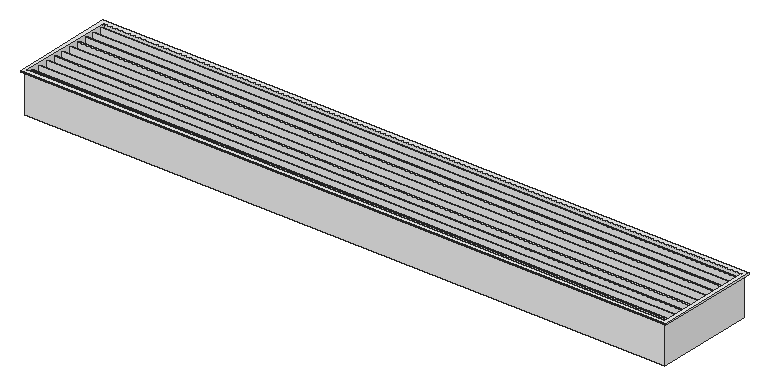
Revit family "DC_Holyoake_MEQ_LD-1215-PMF_13", category Air Terminals, host Face, Revit 2013
Parameters (values of type "LD-1215-PMF")
  Width LD [instance] = 150.0 mm
  URL = "http://www.holyoake.com"
  Type Comments = "Fineline Diffuser Series LD linear bar grilles"  # constant formula
  Static Pressure Min = 3.00 Pa
  Static Pressure Max = 57.00 Pa
  Noise Level NC Min = "<10 NC"
  Noise Level NC Max = "45 NC"
  Model = "LD-1215-PMF"  # constant formula
  Min Flow = 30 L/s
  Max Flow = 1200 L/s
  Material Face = Holyoake-Aluminium
  Material Body = Holyoake-Aluminium
  Manufacturer = "Holyoake"  # constant formula
  Length LD [instance] = 1000.0 mm
  Holyoake Product Range = "Holyoake Fineline Diffusers"  # constant formula
  Description = "LFlangeless Linear Bar Diffuser shall be Holyoake Model LD-1215-PMF. Flangeless Linear Bar Diffuser shall be of extruded aluminium construction to the sizes as documented and supplied with Integral Plaster Mounting Frame (PMF) System. Flangeless Linear Bar Diffusers shall be finished in powdercoat and fitted with accessories and dampers where indicated as manufactured by Holyoake. "  # constant formula
  Default Elevation = 0.0 mm
  Array Number [instance] = ((Width LD - 25.0 mm) / 12.5 mm) - 0.45  # 10
Reference planes
  plane 1 "Center (Front/Back)": y = 0
  plane 2: z = 0
  plane 3 "Center (Left/Right)": x = 0
  plane 4: x = -500
  plane 5: x = 500
  plane 6: y = 75
  plane 7: y = -75
Forms (mm)
  Sweep 1, solid, material "Holyoake-Aluminium" <- "Material Body", detail levels fine
    path origin (0, 0, 0) x (1, 0, 0) y (0, 1, 0)
      loop
        line (-500, 75) -> (-500, -75) -> (500, -75) -> (500, 75) -> (-500, 75)
    profile origin (0, 75, 0) x (0, 1, 0) y (0, 0, 1)
      loop
        line (2, 0) -> (6, 0) -> (6, 2) -> (0, 2) -> (0, -60) -> (2, -60) -> (2, 0)
  Extrusion 2, void
    sketch origin (0, 0, 0) x (1, 0, 0) y (0, 1, 0)
      loop
        line (-500, 75) -> (-500, -75) -> (500, -75) -> (500, 75) -> (-500, 75)
    from 0 to -1000
Cuts and joins
  Extrusion 2 cuts Sweep 1
Lines and regions (mm)
  reference lines
    curve 1: line (-590.798, 68.65, 0) -> (-485.798, 68.65, 0)
    curve 2: line (-590.798, -68.65, 0) -> (-490.798, -68.65, 0)
  symbolic lines, style "Holyoake - Linear Diffusers", detail levels coarse+medium
    curve 3: line (-506, 81, 0) -> (506, 81, 0)
    curve 4: line (-506, -81, 0) -> (-506, 81, 0)
    curve 5: line (506, -81, 0) -> (-506, -81, 0)
    curve 6: line (506, 81, 0) -> (506, -81, 0)
    curve 7: line (-500, -75, 0) -> (500, -75, 0)
    curve 8: line (-500, 75, 0) -> (-500, -75, 0)
    curve 9: line (500, 75, 0) -> (-500, 75, 0)
    curve 10: line (500, -75, 0) -> (500, 75, 0)
    curve 11: line (-502, 0, -60) -> (502, 0, -60)
    curve 12: line (-502, 0, 2) -> (-502, 0, -60)
    curve 13: line (502, 0, 2) -> (-502, 0, 2)
    curve 14: line (502, 0, -60) -> (502, 0, 2)
    curve 15: line (0, 77, -60) -> (0, -77, -60)
    curve 16: line (0, 77, 2) -> (0, 77, -60)
    curve 17: line (0, -77, 2) -> (0, 77, 2)
    curve 18: line (0, -77, -60) -> (0, -77, 2)
Dimensions and locks
  equal spacing: plane 6, plane 1 "Center (Front/Back)", plane 7
  "Width LD": plane 6 to plane 7
  "Length LD": plane 4 to plane 5
  equal spacing: plane 4, plane 3 "Center (Left/Right)", plane 5
  locked: plane 6 to curve 1 at 6.35
  locked: curve 2 to plane 7 at 6.35
  equal spacing: group 1, group 3, group 4, group 5, group 6, group 7, group 8, group 9, group 10, group 2  (x2)
  equal spacing: group 2, group 10, group 9, group 8, group 7, group 6, group 5, group 4, group 3, group 1
  aligned and locked: plane 2 to host face
  aligned and locked: level to host face
  aligned and locked: plane 4 to Sweep 1 sketch curve
  aligned and locked: Sweep 1 sketch curve to plane 6
  aligned and locked: plane 7 to Sweep 1 sketch curve
  aligned and locked: Sweep 1 sketch curve to plane 5
  aligned and locked: plane 4 to nested 1
  aligned and locked: plane 4 to Sweep 1
  aligned and locked: nested 1 to curve 1
  aligned and locked: Sweep 1 to level
  aligned and locked: curve 2 to nested 2
  aligned and locked: plane 4 to nested 2
  aligned and locked: Extrusion 2 sketch curve to Sweep 1  (x3)
  aligned and locked: Sweep 1 to Extrusion 2 sketch curve
  aligned and locked: cut or joined group of Sweep 1, Extrusion 2 to curve 3
  aligned and locked: curve 3 to cut or joined group of Sweep 1, Extrusion 2
  aligned and locked: curve 6 to cut or joined group of Sweep 1, Extrusion 2  (x2)
  aligned and locked: cut or joined group of Sweep 1, Extrusion 2 to curve 7
  aligned and locked: curve 7 to cut or joined group of Sweep 1, Extrusion 2
  aligned and locked: curve 10 to cut or joined group of Sweep 1, Extrusion 2  (x2)
  aligned and locked: cut or joined group of Sweep 1, Extrusion 2 to curve 11
  aligned and locked: curve 11 to cut or joined group of Sweep 1, Extrusion 2
  aligned and locked: curve 14 to cut or joined group of Sweep 1, Extrusion 2
  aligned and locked: cut or joined group of Sweep 1, Extrusion 2 to curve 13
  aligned and locked: cut or joined group of Sweep 1, Extrusion 2 to curve 15
  aligned and locked: curve 15 to cut or joined group of Sweep 1, Extrusion 2
  aligned and locked: curve 18 to cut or joined group of Sweep 1, Extrusion 2
  aligned and locked: curve 17 to cut or joined group of Sweep 1, Extrusion 2
Automatic sketch dimensions
  Sweep 1 sketch curve to level = 0.0 mm
  Sweep 1 sketch curve to profile plane = 0.0 mm
  Sweep 1 sketch curve to Sweep 1 sketch curve = 2.0 mm
  Sweep 1 sketch curve to Sweep 1 sketch curve = 4.0 mm
  Sweep 1 sketch curve to Sweep 1 sketch curve = 60.0 mm
  level to Sweep 1 sketch curve = 2.0 mm
  host sketch curve to host sketch curve = 1510.189 mm
  host sketch curve to host sketch curve = 587.35 mm
  curve 2 to plane 4 = 90.798 mm
  curve 1 to curve 2 = 0.0 mm
  plane 4 to curve 2 = 9.202 mm
  plane 4 to curve 1 = 14.202 mm
Nested families
  nested 1: "LD Blade" at (-500, 67.15, 0), Blade Length <- "Length LD", type "LD Blade", detail levels fine
    with Blade Length 1000.0 mm
  nested 2: "LD Blade" at (-500, -68.65, 0), Blade Length <- "Length LD", type "LD Blade", detail levels fine
    with Blade Length 1000.0 mm
  nested 3: "LD Blade" at (-500, 52.061, 0), Blade Length <- "Length LD", type "LD Blade", detail levels fine
    with Blade Length 1000.0 mm
  nested 4: "LD Blade" at (-500, 36.972, 0), Blade Length <- "Length LD", type "LD Blade", detail levels fine
    with Blade Length 1000.0 mm
  nested 5: "LD Blade" at (-500, 21.883, 0), Blade Length <- "Length LD", type "LD Blade", detail levels fine
    with Blade Length 1000.0 mm
  nested 6: "LD Blade" at (-500, 6.794, 0), Blade Length <- "Length LD", type "LD Blade", detail levels fine
    with Blade Length 1000.0 mm
  nested 7: "LD Blade" at (-500, -8.294, 0), Blade Length <- "Length LD", type "LD Blade", detail levels fine
    with Blade Length 1000.0 mm
  nested 8: "LD Blade" at (-500, -23.383, 0), Blade Length <- "Length LD", type "LD Blade", detail levels fine
    with Blade Length 1000.0 mm
  nested 9: "LD Blade" at (-500, -38.472, 0), Blade Length <- "Length LD", type "LD Blade", detail levels fine
    with Blade Length 1000.0 mm
  nested 10: "LD Blade" at (-500, -53.561, 0), Blade Length <- "Length LD", type "LD Blade", detail levels fine
    with Blade Length 1000.0 mm
Definition of nested family "LD Blade"
  Parameters (values of type "LD Blade")
    Blade Material = Holyoake-Aluminium
    Blade Length [instance] = 600.0 mm
    Assembly Code = ""
  Reference planes
    plane 1 "Center (Front/Back)": y = 0
    plane 2: z = 0
    plane 3 "Center (Left/Right)": x = 0
    plane 4: x = 600
  Forms (mm)
    Extrusion 1, solid, material "Holyoake-Aluminium" <- "Blade Material"
      sketch origin (0, -1.042, 0) x (1, 0, 0) y (0, 1, 0)
        loop
          line (0, 1.042) -> (600, 1.042) -> (600, 2.542) -> (0, 2.542) -> (0, 1.042)
      from 0 to -20
  Dimensions and locks
    Extrusion 1 sketch curve to Extrusion 1 sketch curve = 1.5 mm
    "Blade Length": plane 3 "Center (Left/Right)" to plane 4
    locked: plane 1 "Center (Front/Back)" to Extrusion 1 at 1.5
    aligned and locked: plane 1 "Center (Front/Back)" to Extrusion 1
    aligned and locked: Extrusion 1 to plane 3 "Center (Left/Right)"
    aligned and locked: plane 4 to Extrusion 1
  Automatic sketch dimensions
    Extrusion 1 sketch curve to plane 1 "Center (Front/Back)" = 1.5 mm
    Extrusion 1 sketch curve to plane 3 "Center (Left/Right)" = 0.0 mm
    plane 4 to Extrusion 1 sketch curve = 0.0 mm
